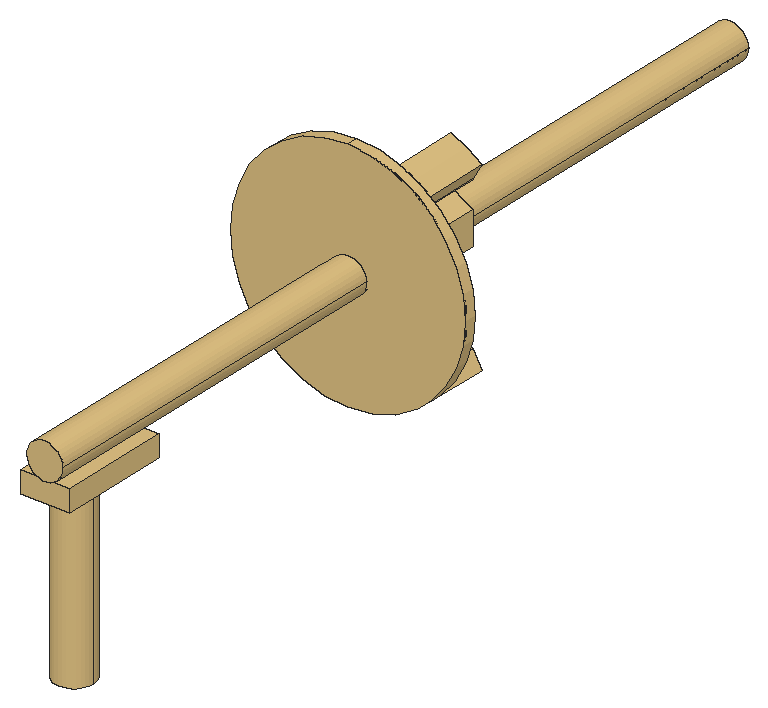
Revit family "MF_LONG WALER HOOK_1904300", category Modelos genéricos, Revit 2018
Family settings
  Puede alojar armadura = No
  Cota de conector redondo = Diámetro de uso
  Tipo de pieza = Normal
  Número OmniClass = 35.51.14.00
  Título OmniClass = FORMWORK
  Se basa en plano de trabajo = Sí
  Siempre vertical = No
  Corte con vacíos al cargar = No
  Compartido = Sí
  Punto de cálculo de habitación = No
Parameters
  VERSION = "20170217"  # constant formula
  URL = "www.ulmaconstruction.com/en"
  UNICLASS = ""
  Fabricante = "ULMA CONSTRUCTION"  # constant formula
  LENGTH [instance] = 160.000 mm
  ITEM_LENGTH [instance] = if(LENGTH < 35.000 mm, 35.000 mm, if(LENGTH < 325.000 mm, LENGTH, 325.000 mm))  # 160.000 mm
  ITEM_CODE = "1904300"
  FILTER [instance] = ""
  Default Elevation = 0.000 mm
  CLASSIFICATION_TITLE = ""
  CLASSIFICATION_NUMBER = ""
Reference planes
  plane 1 "Centro (Frontal/Posterior)": y = 0
  plane 2: z = 0
  plane 3 "Centro (Izquierda/Derecha)": x = 0
  plane 4 "ITEM_LENGTH": y = 160
  plane 5 "LENGTH": y = 160
Forms (mm)
  Extrusion 1, solid, material "ULMA BICHROMATE"
    sketch origin (0, 0, 0) x (1, 0, 0) y (0, 0, 1)
      loop
        circle (0, 17.501) r 8.405
    from -383 to 17
  Extrusion 2, solid, material "ULMA BICHROMATE", detail levels fine
    sketch origin (0, 0, 0) x (1, 0, 0) y (0, 1, 0)
      loop
        circle (0, 0) r 9
    from -80 to 0
  Extrusion 3, solid, material "ULMA BICHROMATE", detail levels fine
    sketch origin (0, 0, 0) x (0, 1, 0) y (0, 0, 1)
      loop
        line (-17, 10) -> (-17, 0) -> (35, 0) -> (35, 10) -> (-17, 10)
    from -11.502 to 11.498
Dimensions and locks
  "ITEM_LENGTH": plane 1 "Centro (Frontal/Posterior)" to plane 4 "ITEM_LENGTH"
  "LENGTH": plane 1 "Centro (Frontal/Posterior)" to plane 5 "LENGTH"
  aligned and locked: level to plane 2
  aligned and locked: nested 1 to plane 4 "ITEM_LENGTH"
Automatic sketch dimensions
  Extrusion 1 sketch curve to plane 3 "Centro (Izquierda/Derecha)" = 0.000 mm
  level to Extrusion 1 sketch curve = 17.501 mm
  plane 1 "Centro (Frontal/Posterior)" to Extrusion 2 sketch curve = 0.000 mm
  Extrusion 2 sketch curve to plane 3 "Centro (Izquierda/Derecha)" = 0.000 mm
  Extrusion 3 sketch curve to level = 0.000 mm
  plane 1 "Centro (Frontal/Posterior)" to Extrusion 3 sketch curve = 17.000 mm
  level to Extrusion 3 sketch curve = 10.000 mm
  Extrusion 3 sketch curve to plane 1 "Centro (Frontal/Posterior)" = 35.000 mm
  radius of Extrusion 1 sketch curve = 8.405 mm
  radius of Extrusion 2 sketch curve = 9.000 mm
Nested families
  nested 1: "TUERCA PLACA FIJA 15 - 7238000_WALERS" at (0, 160, 17.501) x (0, 0, 1) z (0, 1, 0), type "TUERCA PLACA FIJA 15 - 7238000_WALERS"
    with FILTER ""
Definition of nested family "TUERCA PLACA FIJA 15 - 7238000_WALERS"
  Parameters (values of type "TUERCA PLACA FIJA 15 - 7238000_WALERS")
    VERSION = "20170217"  # constant formula
    URL = "www.ulmaconstruction.com/en"
    UNICLASS = ""
    Model = ""
    Manufacturer = "ULMA CONSTRUCTION"  # constant formula
    FILTER [instance] = ""
    Default Elevation = 0.000 mm
    CLASSIFICATION_TITLE = ""
    CLASSIFICATION_NUMBER = ""
  Reference planes
    plane 1 "Centro (Frontal/Posterior)": y = 0
    plane 2: z = 0
    plane 3 "Centro (Izquierda/Derecha)": x = 0
  Forms (mm)
    Extrusion 1, solid
      sketch origin (0, 42.5, 39) x (-1, 0, 0) y (0, -1, 0)
        loop
          circle (0, 42.5) r 55
      from -39 to -34
    Extrusion 2, solid, detail levels fine
      sketch origin (0, 0, 0) x (1, 0, 0) y (0, 1, 0)
        loop
          circle (0, 0) r 16.4
      from 5 to 25
    Extrusion 3, solid, detail levels fine
      sketch origin (0, 0, 0) x (1, 0, 0) y (0, 1, 0)
        loop
          line (7.794, 13.5) -> (-7.794, 13.5) -> (-15.588, 0) -> (-7.794, -13.5) -> (7.794, -13.5) -> (15.588, 0) -> (7.794, 13.5)
      from 25 to 56
    Extrusion 4, solid, detail levels fine
      sketch origin (0, 0, 0) x (1, 0, 0) y (0, 1, 0)
        loop
          line (-51.249, 19.962) -> (-43.895, 15.716)
          arc (-43.895, 15.716) -> (-42.889, 15.447) -> (-41.884, 15.718) r 2.008
          line (-41.884, 15.718) -> (-34.641, 19.9) -> (-34.641, 28.263)
          arc (-34.641, 28.263) -> (-34.91, 29.269) -> (-35.645, 30.006) r 2.015
          line (-35.645, 30.006) -> (-43.022, 34.265)
          arc (-43.022, 34.265) -> (-47.675, 27.424) -> (-51.249, 19.962) r 55
        loop
          arc (51.186, 20.125) -> (47.587, 27.576) -> (42.913, 34.402) r 55
          line (42.913, 34.402) -> (35.558, 30.156)
          arc (35.558, 30.156) -> (34.822, 29.419) -> (34.554, 28.413) r 2.008
          line (34.554, 28.413) -> (34.554, 20.05) -> (41.797, 15.868)
          arc (41.797, 15.868) -> (42.802, 15.598) -> (43.808, 15.866) r 2.015
          line (43.808, 15.866) -> (51.186, 20.125)
        loop
          line (8.337, -54.364) -> (8.337, -45.872)
          arc (8.337, -45.872) -> (8.067, -44.867) -> (7.329, -44.132) r 2.008
          line (7.329, -44.132) -> (0.087, -39.95) -> (-7.156, -44.132)
          arc (-7.156, -44.132) -> (-7.893, -44.867) -> (-8.164, -45.872) r 2.015
          line (-8.164, -45.872) -> (-8.164, -54.391)
          arc (-8.164, -54.391) -> (0.088, -55) -> (8.337, -54.364) r 55
      from 5 to 35
    Blend 5, solid, detail levels fine
      base sketch origin (0, 0, 0) x (1, 0, 0) y (0, 1, 0)
        loop
          arc (-15.798, 4.402) -> (-14.247, 8.123) -> (-11.836, 11.352) r 16.4
          line (-11.836, 11.352) -> (-34.641, 24.519) -> (-34.641, 19.9) -> (-38.641, 17.591) -> (-15.798, 4.402)
      top sketch origin (0, 0, 0) x (1, 0, 0) y (0, 1, 0)
        loop
          spline (-36.457, 18.852) -> (-35.471, 18.034) -> (-34.159, 17.057) -> (-32.563, 15.952) -> (-30.731, 14.753) -> (-28.722, 13.498) -> (-26.598, 12.226) -> (-24.424, 10.976) -> (-22.269, 9.788) -> (-20.2, 8.697) -> (-18.281, 7.74) -> (-16.572, 6.944) -> (-15.127, 6.336)
          arc (-15.127, 6.336) -> (-14.246, 8.125) -> (-13.154, 9.794) r 16.4
          spline (-13.154, 9.794) -> (-14.405, 10.742) -> (-15.948, 11.824) -> (-17.736, 13.006) -> (-19.714, 14.252) -> (-21.82, 15.523) -> (-23.987, 16.779) -> (-26.149, 17.981) -> (-28.238, 19.093) -> (-30.19, 20.078) -> (-31.942, 20.906) -> (-33.442, 21.553) -> (-34.641, 21.996)
          line (-34.641, 21.996) -> (-34.641, 19.9) -> (-36.457, 18.852)
      from 5 to 24.998
    Blend 6, solid, detail levels fine
      base sketch origin (0, 0, 0) x (-0.5, -0.866025, 0) y (0.866025, -0.5, 0)
        loop
          arc (-15.798, 4.402) -> (-14.247, 8.123) -> (-11.836, 11.352) r 16.4
          line (-11.836, 11.352) -> (-34.641, 24.519) -> (-34.641, 19.9) -> (-38.641, 17.591) -> (-15.798, 4.402)
      top sketch origin (0, 0, 0) x (-0.5, -0.866025, 0) y (0.866025, -0.5, 0)
        loop
          spline (-36.457, 18.852) -> (-35.471, 18.034) -> (-34.159, 17.057) -> (-32.563, 15.952) -> (-30.731, 14.753) -> (-28.722, 13.498) -> (-26.598, 12.226) -> (-24.424, 10.976) -> (-22.269, 9.788) -> (-20.2, 8.697) -> (-18.281, 7.74) -> (-16.572, 6.944) -> (-15.127, 6.336)
          arc (-15.127, 6.336) -> (-14.246, 8.125) -> (-13.154, 9.794) r 16.4
          spline (-13.154, 9.794) -> (-14.405, 10.742) -> (-15.948, 11.824) -> (-17.736, 13.006) -> (-19.714, 14.252) -> (-21.82, 15.523) -> (-23.987, 16.779) -> (-26.149, 17.981) -> (-28.238, 19.093) -> (-30.19, 20.078) -> (-31.942, 20.906) -> (-33.442, 21.553) -> (-34.641, 21.996)
          line (-34.641, 21.996) -> (-34.641, 19.9) -> (-36.457, 18.852)
      from 5 to 24.998
    Blend 7, solid, detail levels fine
      base sketch origin (0, 0, 0) x (-0.498104, 0.867117, 0) y (-0.867117, -0.498104, 0)
        loop
          arc (-15.798, 4.402) -> (-14.247, 8.123) -> (-11.836, 11.352) r 16.4
          line (-11.836, 11.352) -> (-34.641, 24.519) -> (-34.641, 19.9) -> (-38.641, 17.591) -> (-15.798, 4.402)
      top sketch origin (0, 0, 0) x (-0.498104, 0.867117, 0) y (-0.867117, -0.498104, 0)
        loop
          spline (-36.457, 18.852) -> (-35.471, 18.034) -> (-34.159, 17.057) -> (-32.563, 15.952) -> (-30.731, 14.753) -> (-28.722, 13.498) -> (-26.598, 12.226) -> (-24.424, 10.976) -> (-22.269, 9.788) -> (-20.2, 8.697) -> (-18.281, 7.74) -> (-16.572, 6.944) -> (-15.127, 6.336)
          arc (-15.127, 6.336) -> (-14.246, 8.125) -> (-13.154, 9.794) r 16.4
          spline (-13.154, 9.794) -> (-14.405, 10.742) -> (-15.948, 11.824) -> (-17.736, 13.006) -> (-19.714, 14.252) -> (-21.82, 15.523) -> (-23.987, 16.779) -> (-26.149, 17.981) -> (-28.238, 19.093) -> (-30.19, 20.078) -> (-31.942, 20.906) -> (-33.442, 21.553) -> (-34.641, 21.996)
          line (-34.641, 21.996) -> (-34.641, 19.9) -> (-36.457, 18.852)
      from 5 to 24.998
    Revolve 8, void
      sketch origin (0, 0, 0) x (0, 1, 0) y (0, 0, 1)
        loop
          arc (-39.95, 25) -> (-28.175, 18.72) -> (-16.4, 24.999) r 14.18
          line (-16.4, 24.999) -> (-16.4, 26.999) -> (-39.95, 26.999) -> (-39.95, 25)
        axis (0, 24.999) -> (0, 26.999)
      angle from 0 to 360
  Cuts and joins
    Revolve 8 cuts Extrusion 3
    Revolve 8 cuts Blend 5
    Revolve 8 cuts Blend 6
    Revolve 8 cuts Blend 7
  Lines and regions (mm)
    model lines, detail levels fine
      curve 1: circle (0, 0, 0) r 7.5 normal (0, 0, 1)
      curve 2: circle (0, 0, 56) r 7.5 normal (0, 0, 1)
  Dimensions and locks
    aligned and locked: level to plane 2
